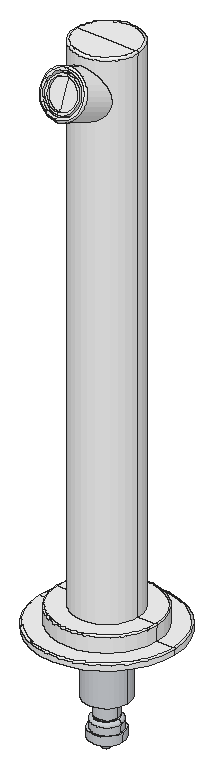
Revit family "Reece_Tap_Sussex_Scala_Straight_Wall Basin Outlet", category Plumbing Fixtures, host Face, Revit 2018
Family settings
  Host = Face
  Round Connector Dimension = Use Diameter
  Part Type = Normal
  Cut with Voids When Loaded = No
  Shared = Yes
  Room Calculation Point = Yes
Parameters (values of type "200 mm_6 Star_Chrome")
  WFU = 0  # constant formula
  URL = "https://www.reece.com.au/product/-2262951"
  Type Comments = "Tap"
  Reece_Tap_Reach = 200 mm
  Reece_Tap_Inlet = 12 mm  # constant formula
  Reece_Detail_Disclaimer = "THIS FILE IS THE PROPERTY OF THE REECE GROUP. IT MAY NOT BE REPRODUCED, REVERSE-ENGINEERED OR MODIFIED. ANY REPUBLICATION, TRANSMISSION OR DISTRIBUTION FOR THE PURPOSE OF COMMERCIALLY EXPLOITING THE FILES IS PROHIBITED."  # constant formula
  Reece_Backplate_Spout_Thickness = 8.5 mm  # constant formula
  Reece_Product_Web Page = "https://www.reece.com.au/product/-2262951"
  Reece_Product_Type = "Tap"  # constant formula
  Reece_Product_Sub Brand = "Scala"  # constant formula
  Reece_Product_Number = "2262951"
  Reece_Product_Mount = "Wall Mounted"
  Reece_Product_Description = "Sussex Scala Straight Wall Basin Outlet 200mm Chrome (6 Star)"
  Reece_Product_Brand = "Sussex"  # constant formula
  Reece_Overall_Projection = 210 mm
  Reece_Material_Main = Reece_Brass_Chrome
  Reece_Detail_Type = "Wall Basin Outlet"  # constant formula
  Reece_Detail_Shape = "Straight"  # constant formula
  Reece_Detail_Installation = ""
  Reece_Detail_Connector = ""
  Model = "Scala"
  Manufacturer = "Sussex"
  Keynote = "Product #2262951, Reece_Tap_Sussex_Scala_Straight_Wall Basin Outlet - 200 mm_6 Star_Chrome"
  HWFU = 0  # constant formula
  Disclaimer = "THIS FILE IS THE PROPERTY OF THE REECE GROUP. IT MAY NOT BE REPRODUCED, REVERSE-ENGINEERED OR MODIFIED. ANY REPUBLICATION, TRANSMISSION OR DISTRIBUTION FOR THE PURPOSE OF COMMERCIALLY EXPLOITING THE FILES IS PROHIBITED."  # constant formula
  Description = "Scala Straight Wall Basin Outlet 200mm Chrome (6 Star)"
  Default Elevation = 1000 mm
  CWFU = 0  # constant formula
Types (14, lengths in mm): name | URL | Reece_Tap_Reach | Reece_Product_Web Page | Reece_Product_Number | Reece_Product_Description | Reece_Overall_Projection | Reece_Material_Main | Keynote | Description
  160 mm_5 Star_Chrome | "https://www.reece.com.au/product/-2262434" | 160 | "https://www.reece.com.au/product/-2262434" | "2262434" | "Sussex Scala Straight Wall Basin Outlet 160mm Chrome (5 Star)" | 170 | Reece_Brass_Chrome | "Product #2262434, Reece_Tap_Sussex_Scala_Straight_Wall Basin Outlet - 160 mm_5 Star_Chrome" | "Scala Straight Wall Basin Outlet 160mm Chrome (5 Star)"
  160 mm_6 Star_Chrome | "https://www.reece.com.au/product/-2262950" | 160 | "https://www.reece.com.au/product/-2262950" | "2262950" | "Sussex Scala Straight Wall Basin Outlet 160mm Chrome (6 Star)" | 170 | Reece_Brass_Chrome | "Product #2262950, Reece_Tap_Sussex_Scala_Straight_Wall Basin Outlet - 160 mm_6 Star_Chrome" | "Scala Straight Wall Basin Outlet 160mm Chrome (6 Star)"
  160 mm_5 Star_PVD Brushed Platinum Gold | "https://www.reece.com.au/product/-2268311" | 160 | "https://www.reece.com.au/product/-2268311" | "2268311" | "Sussex Scala Straight Wall Basin Outlet 160mm LUX PVD Brushed Platinum Gold (5 Star)" | 170 | Reece_PVD_Brushed_Platinum Gold | "Product #2268311, Reece_Tap_Sussex_Scala_Straight_Wall Basin Outlet - 160 mm_5 Star_PVD Brushed Platinum Gold" | "Scala Straight Wall Basin Outlet 160mm LUX PVD Brushed Platinum Gold (5 Star)"
  160 mm_6 Star_PVD Brushed Platinum Gold | "https://www.reece.com.au/product/-2268314" | 160 | "https://www.reece.com.au/product/-2268314" | "2268314" | "Sussex Scala Straight Wall Basin Outlet 160mm LUX PVD Brushed Platinum Gold (6 Star)" | 170 | Reece_PVD_Brushed_Platinum Gold | "Product #2268314, Reece_Tap_Sussex_Scala_Straight_Wall Basin Outlet - 160 mm_6 Star_PVD Brushed Platinum Gold" | "Scala Straight Wall Basin Outlet 160mm LUX PVD Brushed Platinum Gold (6 Star)"
  160 mm_5 Star_Satin Chrome | "https://www.reece.com.au/product/-2262357" | 160 | "https://www.reece.com.au/product/-2262357" | "2262357" | "Sussex Scala Straight Wall Basin Outlet 160mm Satin Chrome (5 Star)" | 170 | Reece_Brass_Satin Chrome | "Product #2262357, Reece_Tap_Sussex_Scala_Straight_Wall Basin Outlet - 160 mm_5 Star_Satin Chrome" | "Scala Straight Wall Basin Outlet 160mm Satin Chrome (5 Star)"
  200 mm_5 Star_Chrome | "https://www.reece.com.au/product/-2262435" | 200 | "https://www.reece.com.au/product/-2262435" | "2262435" | "Sussex Scala Straight Wall Basin Outlet 200mm Chrome (5 Star)" | 210 | Reece_Brass_Chrome | "Product #2262435, Reece_Tap_Sussex_Scala_Straight_Wall Basin Outlet - 200 mm_5 Star_Chrome" | "Scala Straight Wall Basin Outlet 200mm Chrome (5 Star)"
  200 mm_6 Star_Chrome | "https://www.reece.com.au/product/-2262951" | 200 | "https://www.reece.com.au/product/-2262951" | "2262951" | "Sussex Scala Straight Wall Basin Outlet 200mm Chrome (6 Star)" | 210 | Reece_Brass_Chrome | "Product #2262951, Reece_Tap_Sussex_Scala_Straight_Wall Basin Outlet - 200 mm_6 Star_Chrome" | "Scala Straight Wall Basin Outlet 200mm Chrome (6 Star)"
  200 mm_5 Star_PVD Brushed Platinum Gold | "https://www.reece.com.au/product/-2268312" | 200 | "https://www.reece.com.au/product/-2268312" | "2268312" | "Sussex Scala Straight Wall Basin Outlet 200mm LUX PVD Brushed Platinum Gold (5 Star)" | 210 | Reece_PVD_Brushed_Platinum Gold | "Product #2268312, Reece_Tap_Sussex_Scala_Straight_Wall Basin Outlet - 200 mm_5 Star_PVD Brushed Platinum Gold" | "Scala Straight Wall Basin Outlet 200mm LUX PVD Brushed Platinum Gold (5 Star)"
  200 mm_6 Star_PVD Brushed Platinum Gold | "https://www.reece.com.au/product/-2268315" | 200 | "https://www.reece.com.au/product/-2268315" | "2268315" | "Sussex Scala Straight Wall Basin Outlet 200mm LUX PVD Brushed Platinum Gold (6 Star)" | 210 | Reece_PVD_Brushed_Platinum Gold | "Product #2268315, Reece_Tap_Sussex_Scala_Straight_Wall Basin Outlet - 200 mm_6 Star_PVD Brushed Platinum Gold" | "Scala Straight Wall Basin Outlet 200mm LUX PVD Brushed Platinum Gold (6 Star)"
  200 mm_5 Star_Satin Chrome | "https://www.reece.com.au/product/-2262358" | 200 | "https://www.reece.com.au/product/-2262358" | "2262358" | "Sussex Scala Straight Wall Basin Outlet 200mm Satin Chrome (5 Star)" | 210 | Reece_Brass_Satin Chrome | "Product #2262358, Reece_Tap_Sussex_Scala_Straight_Wall Basin Outlet - 200 mm_5 Star_Satin Chrome" | "Scala Straight Wall Basin Outlet 200mm Satin Chrome (5 Star)"
  250 mm_5 Star_Chrome | "https://www.reece.com.au/product/-2262436" | 250 | "https://www.reece.com.au/product/-2262436" | "2262436" | "Sussex Scala Straight Wall Basin Outlet 250mm Chrome (5 Star)" | 260 | Reece_Brass_Chrome | "Product #2262436, Reece_Tap_Sussex_Scala_Straight_Wall Basin Outlet - 250 mm_5 Star_Chrome" | "Scala Straight Wall Basin Outlet 250mm Chrome (5 Star)"
  250 mm_6 Star_Chrome | "https://www.reece.com.au/product/-2262952" | 250 | "https://www.reece.com.au/product/-2262952" | "2262952" | "Sussex Scala Straight Wall Basin Outlet 250mm Chrome (6 Star)" | 260 | Reece_Brass_Chrome | "Product #2262952, Reece_Tap_Sussex_Scala_Straight_Wall Basin Outlet - 250 mm_6 Star_Chrome" | "Scala Straight Wall Basin Outlet 250mm Chrome (6 Star)"
  250 mm_5 Star_PVD Brushed Platinum Gold | "https://www.reece.com.au/product/-2268313" | 250 | "https://www.reece.com.au/product/-2268313" | "2268313" | "Sussex Scala Straight Wall Basin Outlet 250mm LUX PVD Brushed Platinum Gold (5 Star)" | 260 | Reece_PVD_Brushed_Platinum Gold | "Product #2268313, Reece_Tap_Sussex_Scala_Straight_Wall Basin Outlet - 250 mm_5 Star_PVD Brushed Platinum Gold" | "Scala Straight Wall Basin Outlet 250mm LUX PVD Brushed Platinum Gold (5 Star)"
  250 mm_6 Star_PVD Brushed Platinum Gold | "https://www.reece.com.au/product/-2268316" | 250 | "https://www.reece.com.au/product/-2268316" | "2268316" | "Sussex Scala Straight Wall Basin Outlet 250mm LUX PVD Brushed Platinum Gold (6 Star)" | 260 | Reece_PVD_Brushed_Platinum Gold | "Product #2268316, Reece_Tap_Sussex_Scala_Straight_Wall Basin Outlet - 250 mm_6 Star_PVD Brushed Platinum Gold" | "Scala Straight Wall Basin Outlet 250mm LUX PVD Brushed Platinum Gold (6 Star)"
Reference planes
  plane 1 "Center (Front/Back)": y = 0
  plane 2 "Bottom": z = 0
  plane 3 "Center (Left/Right)": x = 0
  plane 4 "Top": z = 210
  plane 5: z = 200
  plane 6: y = 27
  plane 7: y = -27
  plane 8: x = -27
  plane 9: x = 27
  plane 10: x = 12.5
  plane 11: x = -12.5
Forms (mm)
  Extrusion 1, void
    sketch origin (0, 0, 0) x (1, 0, 0) y (0, 1, 0)
      loop
        circle (0, 0) r 15
    from 0 to -29.519
  Revolve 2, solid
    sketch origin (128.832, 0, 1219.286) x (1, 0, 0) y (0, 0, 1)
      loop
        line (-130.223, -1261.223) -> (-128.832, -1261.223) -> (-128.832, -1219.286) -> (-137.306, -1219.286) -> (-137.306, -1243.025) -> (-133.112, -1243.025) -> (-133.112, -1249.722) -> (-132.546, -1250.288) -> (-133.346, -1250.288)
        arc (-133.346, -1250.288) -> (-134.187, -1250.636) -> (-134.534, -1251.476) r 1.188
        line (-134.534, -1251.476) -> (-134.534, -1254.238) -> (-135.334, -1254.238) -> (-135.334, -1257.484) -> (-132.396, -1257.484) -> (-130.223, -1261.223)
      axis (-128.832, -1219.286) -> (-128.832, -1261.223)
    angle from 0 to 360
Text (mm)
  text "Reece Copyright © 2018, Reece Ltd." at (-183.202, -169.669, 0), in view "Ref. Level"
  text "Reece ©" at (44.384, 258.95, 192.345), in view "Reece Preview"
Dimensions and locks
  plane 4 "Top" to plane 2 "Bottom" = 210 mm
  locked: plane 4 "Top" to plane 5 at 10
  "Reece_Tap_Reach": plane 5 to plane 2 "Bottom"
  "Reece_Overall_Projection": plane 4 "Top" to plane 2 "Bottom"
  nested 1 to plane 1 "Center (Front/Back)" = 22 mm
  plane 1 "Center (Front/Back)" to nested 1 = 22 mm
  plane 4 "Top" to plane 5 = 10 mm
  plane 5 to plane 2 "Bottom" = 200 mm
  nested 1 to nested 1 = 25.029 mm  (x2)
  plane 2 "Bottom" to plane 4 "Top" = 210 mm
  plane 2 "Bottom" to plane 5 = 200 mm
  nested 1 to nested 1 = 54 mm
  plane 10 to plane 11 = 25 mm
  aligned and locked: plane 2 "Bottom" to host face
  aligned and locked: level to host face
Automatic sketch dimensions
  host sketch curve to host sketch curve = 380.785 mm
  host sketch curve to host sketch curve = 317.421 mm
  plane 1 "Center (Front/Back)" to Extrusion 1 sketch curve = 0 mm
  Extrusion 1 sketch curve to plane 3 "Center (Left/Right)" = 0 mm
  Revolve 2 sketch curve to level = 0 mm
  Revolve 2 sketch curve to plane 3 "Center (Left/Right)" = 0 mm  (x2)
  Revolve 2 sketch curve to plane 3 "Center (Left/Right)" = 1.39 mm
  Revolve 2 sketch curve to plane 3 "Center (Left/Right)" = 3.563 mm
  Revolve 2 sketch curve to plane 3 "Center (Left/Right)" = 3.714 mm
  Revolve 2 sketch curve to Revolve 2 sketch curve = 0.566 mm  (x2)
  Revolve 2 sketch curve to Revolve 2 sketch curve = 0.8 mm  (x2)
  Revolve 2 sketch curve to Revolve 2 sketch curve = 1.188 mm
  plane 11 to Revolve 2 sketch curve = 4.027 mm
  Revolve 2 sketch curve to level = 23.739 mm
  Revolve 2 sketch curve to Revolve 2 sketch curve = 6.697 mm
  Revolve 2 sketch curve to Revolve 2 sketch curve = 2.762 mm
  Revolve 2 sketch curve to Revolve 2 sketch curve = 3.246 mm
  Revolve 2 sketch curve to Revolve 2 sketch curve = 3.739 mm
  Revolve 2 sketch curve to Revolve 2 sketch curve = 0.681 mm
  level to Revolve 2 sketch curve = 8.93 mm
  radius of Extrusion 1 sketch curve = 15 mm
Nested families
  nested 1: "Reece_Tap_Sussex_Scala_Outlet_Nested" at (0, 0, -1.156), Reece_Tap_Reach <- "Reece_Tap_Reach", Reece_Overall_Projection <- "Reece_Overall_Projection", Reece_Material_Main <- "Reece_Material_Main", Reece_Backplate_Spout_Thickness <- "Reece_Backplate_Spout_Thickness", type "Reece_Tap_Sussex_Scala_Outlet_Nested"
    with Reece_Tap_Reach 200 mm, Reece_Overall_Projection 210 mm, Reece_Material_Main Reece_Brass_Chrome, Reece_Backplate_Spout_Thickness 8.5 mm, Default Elevation 1000 mm
Connectors
  piping at (0, 0, -38.198), diameter 12, driven by "Reece_Tap_Inlet"
    settings: on Revolve 2, index 1, connector inside diameter 609.6 mm, connector length 0 mm, flow factor 0, pipe flow 0.0 L/s, pressure drop 0.0 Pa, fitting loss kfactor 0, connector angle 0.00°, fixture units 0, engagement length 0 mm, angle of deflection 0.00°, flow configuration 0, flow direction 1, fitting loss method 0, system type 29, joint type 0, gender type 0, connector reference index -1, connector utility 0, adjustable connector no, is connector primary yes, connector description ""
Definition of nested family "Reece_Tap_Sussex_Scala_Outlet_Nested"
  Parameters (values of type "Reece_Tap_Sussex_Scala_Outlet_Nested")
    Waste Connection = no
    WFU = 0
    Vent Connection = no
    URL = ""
    Type Comments = ""
    Reece_Tap_Reach [instance] = 160 mm
    Reece_Backplate_Spout_Thickness [instance] = 9.3 mm
    Reece_Overall_Projection [instance] = 170 mm
    Reece_Material_Main [instance] = none
    Model = ""
    Manufacturer = ""
    Keynote = ""
    HWFU = 0
    HW Connection = no
    Description = ""
    Default Elevation = 0 mm
    Cost = 0
    CWFU = 0
    CW Connection = no
    Assembly Code = ""
  Reference planes
    plane 1 "Center (Front/Back)": y = 0
    plane 2 "Bottom": z = 1.156
    plane 3 "Center (Left/Right)": x = 0
    plane 4: x = -83
    plane 5: x = 83
    plane 6: x = 142.5
    plane 7: z = 161.156
    plane 8: y = 27
    plane 9: y = -27
    plane 10: x = 63
    plane 11: x = 103
    plane 12: z = 171.156
    plane 13: y = -22
    plane 14: x = -12.515
    plane 15: x = 12.515
    plane 16: z = 10.456
  Forms (mm)
    Extrusion 1, solid
      sketch origin (619.2, -619.2, 0) x (1, 0, 0) y (0, 1, 0)
        loop
          line (-809.2, 744.2) -> (-809.2, 511.85) -> (-428.415, 511.85) -> (-428.415, 744.2) -> (-809.2, 744.2)
      from 1.156 to -9.564
    Revolve 2, solid, material <- "Reece_Material_Main"
      sketch origin (0, 0, 0) x (1, 0, 0) y (0, 0, 1)
        loop
          arc (12.5, 170.356) -> (12.266, 170.921) -> (11.7, 171.156) r 0.8
          line (11.7, 171.156) -> (0, 171.156) -> (0, 10.456) -> (12.5, 10.456) -> (12.5, 170.356)
        axis (0, 171.156) -> (0, 10.456)
      angle from 0 to 360
    Revolve 3, solid, material <- "Reece_Material_Main"
      sketch origin (0, -265.32, 38.762) x (0, -0.374607, -0.927184) y (0, 0.927184, -0.374607)
        loop
          line (-212.131, 179.752) -> (-212.131, 183.683) -> (-211.331, 183.683) -> (-211.331, 179.752) -> (-210.502, 179.752) -> (-210.502, 180.591) -> (-204.631, 180.591) -> (-204.631, 202.429) -> (-213.631, 202.429) -> (-213.631, 180.33)
          arc (-213.631, 180.33) -> (-213.462, 179.922) -> (-213.053, 179.752) r 0.578
          line (-213.053, 179.752) -> (-212.131, 179.752)
        axis (-204.631, 202.429) -> (-204.631, 179.752)
      angle from 0 to 360
    Revolve 4, solid, material <- "Reece_Material_Main"
      sketch origin (0, 0, 0) x (1, 0, 0) y (0, 0, 1)
        loop
          line (27, 1.156) -> (27, 3.144)
          arc (27, 3.144) -> (26.85, 3.506) -> (26.488, 3.656) r 0.512
          line (26.488, 3.656) -> (20, 3.656) -> (20, 9.156)
          arc (20, 9.156) -> (19.853, 9.509) -> (19.5, 9.656) r 0.5
          line (19.5, 9.656) -> (11.2, 9.656) -> (11.2, 10.501) -> (0, 10.501) -> (0, 1.156) -> (27, 1.156)
        axis (0, 10.501) -> (0, 1.156)
      angle from 0 to 360
  Cuts and joins
    joined: Revolve 2, Revolve 3
  Text (mm)
    text "Reece Copyright © 2018, Reece Ltd." at (-306.098, -56.836, 0), in view "Ref. Level"
    text "Reece ©" at (44.384, 258.95, 192.345), in view "Reece Preview"
  Dimensions and locks
    plane 4 to plane 5 = 166 mm
    plane 9 to plane 8 = 54 mm
    plane 10 to plane 11 = 40 mm
    plane 12 to plane 7 to plane 2 "Bottom" = 10 mm, 160 mm
    "Reece_Tap_Reach": plane 7 to plane 2 "Bottom"
    plane 2 "Bottom" to plane 12 = 170 mm  (x2)
    plane 7 to plane 12 = 10 mm
    plane 12 to plane 7 = 10 mm
    plane 1 "Center (Front/Back)" to plane 13 = 22 mm
    plane 14 to plane 15 = 25.029 mm
    equal spacing: plane 4, plane 3 "Center (Left/Right)", plane 5
    plane 8 to plane 9 = 54 mm
    "Reece_Overall_Projection": plane 2 "Bottom" to plane 12
    "Reece_Backplate_Spout_Thickness": plane 16 to plane 2 "Bottom"
    aligned and locked: plane 2 "Bottom" to Extrusion 1
    aligned and locked: plane 12 to Revolve 2 sketch curve
    aligned and locked: plane 16 to cut or joined group of Revolve 2, Revolve 3
  Automatic sketch dimensions
    Extrusion 1 sketch curve to Extrusion 1 sketch curve = 380.785 mm
    Extrusion 1 sketch curve to Extrusion 1 sketch curve = 232.35 mm
    plane 7 to Revolve 3 sketch curve = 0.15 mm
    Revolve 3 sketch curve to plane 1 "Center (Front/Back)" = 2.397 mm
    Revolve 3 sketch curve to Revolve 3 sketch curve = 0.578 mm
    Revolve 3 sketch curve to Revolve 3 sketch curve = 0.922 mm
    Revolve 3 sketch curve to Revolve 3 sketch curve = 0.8 mm
    Revolve 3 sketch curve to Revolve 3 sketch curve = 0.829 mm
    Revolve 3 sketch curve to Revolve 3 sketch curve = 5.871 mm
    Revolve 3 sketch curve to Revolve 3 sketch curve = 18.746 mm
    Revolve 3 sketch curve to Revolve 3 sketch curve = 3.092 mm
    Revolve 3 sketch curve to Revolve 3 sketch curve = 0.261 mm
    Revolve 3 sketch curve to Revolve 3 sketch curve = 0 mm  (x2)
    Revolve 3 sketch curve to Revolve 3 sketch curve = 8.179 mm
    Revolve 3 sketch curve to Revolve 3 sketch curve = 8.71 mm
    Revolve 2 sketch curve to plane 3 "Center (Left/Right)" = 0 mm  (x2)
    Revolve 2 sketch curve to plane 15 = 0.815 mm
    Revolve 2 sketch curve to plane 15 = 0.015 mm
    Revolve 2 sketch curve to level = 7.912 mm
    Revolve 4 sketch curve to plane 3 "Center (Left/Right)" = 0 mm  (x2)
    Revolve 4 sketch curve to plane 2 "Bottom" = 0 mm
    Revolve 4 sketch curve to plane 15 = 1.315 mm
    plane 15 to Revolve 4 sketch curve = 6.985 mm
    plane 2 "Bottom" to Revolve 4 sketch curve = 2.5 mm
    Revolve 4 sketch curve to Revolve 4 sketch curve = 0.5 mm
    plane 2 "Bottom" to Revolve 4 sketch curve = 1.988 mm
    Revolve 4 sketch curve to Revolve 4 sketch curve = 6.488 mm
    Revolve 4 sketch curve to level = 7.912 mm
    plane 2 "Bottom" to Revolve 2 sketch curve = 9.3 mm
    Revolve 2 sketch curve to Revolve 2 sketch curve = 1.755 mm
    Revolve 4 sketch curve to Revolve 4 sketch curve = 5.5 mm
    Revolve 4 sketch curve to Revolve 4 sketch curve = 9.345 mm
    Revolve 4 sketch curve to Revolve 4 sketch curve = 1.8 mm
